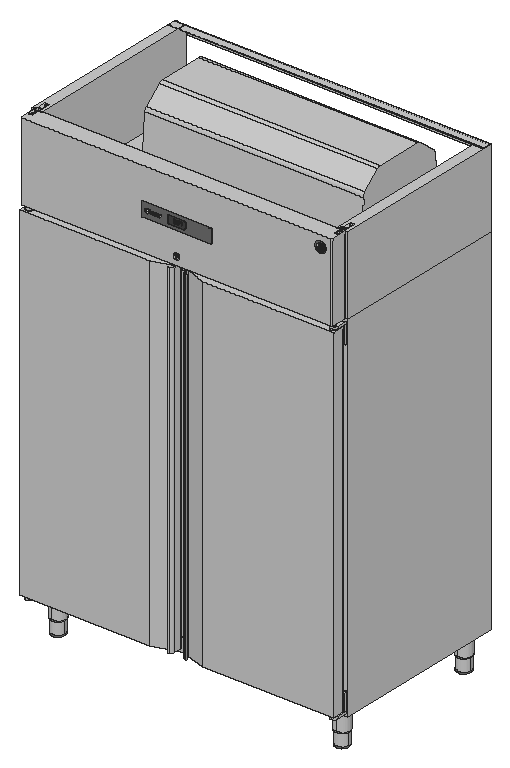
Revit family "QF_HOSHIZAKI_ADVANCE K 140-4 L", category Specialty Equipment, Revit 2016
Family settings
  Part Type = Normal
  Round Connector Dimension = Use Diameter
  OmniClass Number = 23.40.40.14
  OmniClass Title = Food Service Equipment
  Work Plane-Based = No
  Always vertical = Yes
  Cut with Voids When Loaded = No
  Shared = No
  Room Calculation Point = No
Parameters (values of type "131141070")
  Weight = 183.00 kg
  Volts = 230 V
  URL Cutsheet = ""
  URL = "www.hoshizaki-europe.com"
  Status [instance] = ""
  Specification by User [instance] = ""
  Specification by Manufacturer [instance] = ""
  Serial Number = ""
  Seismic Rating = ""
  SMACNA No = ""
  Revision Code [instance] = ""
  Phase = 1
  Number of Poles = 2
  NAFEM Spec ID Number = ""
  Model = "ADVANCE K 140-4 L"
  Min Ckt Ampacity = 0 A
  Max Overcurrent Protection = 0 A
  Masterspec = ""
  Manufacturer = "HOSHIZAKI"
  Length Actual = 1344 mm
  Item Number [instance] = ""
  Installed By [instance] = ""
  Identify Quantity as Lot [instance] = no
  Height Actual = 2000 mm
  HP power = ""
  Furnished By [instance] = ""
  Foodservice Equipment Identifier [instance] = yes
  FL Amps = 11.04 A
  Electric power = 2540 W
  Electric Connection Type [instance] = ""
  Elec Conn RI Height [instance] = 0 mm
  Elec Conn Connection Height [instance] = 1600 mm
  Description = "ADVANCE DOUBLE DOOR REFRIGERATOR, 2/1 GN DEEP, AISI 304 STAINLESS STEEL EXTERIOR AND INTERIOR, HC NATURAL REFRIGERANT, LEGS"
  Depth Actual = 830 mm
  Cycle = 50 Hz
  Cost = 0
  Conn Plug = ""
  Conn Conduit = no
  CSI MasterFormat = ""
  Assembly Code = "E1090320"
  Apparent Power = 2540 VA
  Accessory = no
Reference planes
  plane 1 "Center (Front/Back)": y = 0
  plane 2: z = 0
  plane 3 "Center (Left/Right)": x = 0
Forms (mm)
  Extrusion 1, solid, not visible
    sketch origin (1313, -2, 1700.5) x (1, 0, 0) y (0, 1, 0)
      loop
        line (0, 0) -> (2, 0) -> (2, 2) -> (0, 2) -> (0, 0)
    from 0 to 2
Dimensions and locks
  aligned and locked: level to plane 2
Nested families
  nested 1: "QF_HOSHIZAKI_131141070_230V_1Ph_50Hz" at (0, 0, 150), type "131141070_230V/1Ph/50Hz"
    with Show Logo yes, Show Clearance yes
  nested 2: "QF_HOSHIZAKI_PRE_ADV_LEGS" at (0, 0, 0), type "760660118-1344X830"
    with Length Actual 1344 mm, Height Actual 150 mm, Depth Actual 830 mm
Connectors
  electrical at (1314, 0, 1701.5), driven by "Apparent Power", driven by "Number of Poles", driven by "Volts"
    settings: on Extrusion 1, index 1, voltage 230 V, apparent load 0 VA, apparent load phase1 2540 VA, apparent load phase2 0 VA, apparent load phase3 0 VA, power factor 1, load classification "Other", number of poles 2, system type 31, power factor state 1, is connector primary yes, connector utility no, sub classification motor no, connector description "Electric connection for '131141070'"
Definition of nested family "QF_HOSHIZAKI_131141070_230V_1Ph_50Hz"
  Parameters (values of type "131141070_230V/1Ph/50Hz")
    Show Logo [instance] = yes
    Show Clearance [instance] = yes
    Height Actual = 150 mm
    Assembly Code = "E1090300"
  Types (5): name
    131141070_230V/1Ph/50Hz
    133141070
    123142070
    131142090
    133142090
  Reference planes
    plane 1 "Back": y = 0
    plane 2: z = 0
    plane 3 "Left": x = 0
    plane 4 "Right": x = 1344
    plane 5 "Front": y = -830.03
    plane 6 "Top": z = 1850
  Forms (mm)
    Extrusion 1, solid
      sketch origin (653.43, 17.6, 1850) x (1, 0, 0) y (0, 1, 0)
        loop
          line (675.57, -773.038) -> (675.57, -726.21) -> (660.57, -726.21) -> (660.57, -773.038) -> (675.57, -773.038)
        loop
          circle (668.07, -734.247) r 1.711
        loop
          circle (668.07, -765.001) r 1.711
      from 0 to 2
    Extrusion 2, solid
      sketch origin (653.43, -41.259, 1850) x (1, 0, 0) y (0, 1, 0)
        loop
          line (675.57, -752.351) -> (675.57, -720.851) -> (660.57, -720.851) -> (660.57, -752.351) -> (675.57, -752.351)
        loop
          circle (668.07, -727.851) r 1.711
        loop
          circle (668.07, -745.351) r 1.711
      from 0 to 2
    Extrusion 3, solid
      sketch origin (1314, 17.6, -100.1) x (0, 1, 0) y (0, 0, 1)
        loop
          arc (-776.21, 1952.1) -> (-777.016, 1954.865) -> (-774.851, 1952.966) r 1.5
          line (-774.851, 1952.966) -> (-772.968, 1952.281)
          arc (-772.968, 1952.281) -> (-778.164, 1956.504) -> (-776.21, 1950.1) r 3.5
          line (-776.21, 1950.1) -> (-773.038, 1950.1) -> (-773.038, 1952.1) -> (-776.21, 1952.1)
      from 0 to 15
    Extrusion 4, solid
      sketch origin (-645.57, 17.6, 1850) x (1, 0, 0) y (0, 1, 0)
        loop
          line (675.57, -773.038) -> (675.57, -726.21) -> (660.57, -726.21) -> (660.57, -773.038) -> (675.57, -773.038)
        loop
          circle (668.07, -734.247) r 1.711
        loop
          circle (668.07, -765.001) r 1.711
      from 0 to 2
    Extrusion 5, solid
      sketch origin (-645.57, -41.259, 1850) x (1, 0, 0) y (0, 1, 0)
        loop
          line (675.57, -752.351) -> (675.57, -720.851) -> (660.57, -720.851) -> (660.57, -752.351) -> (675.57, -752.351)
        loop
          circle (668.07, -727.851) r 1.711
        loop
          circle (668.07, -745.351) r 1.711
      from 0 to 2
    Extrusion 6, solid
      sketch origin (15, 17.6, -100.1) x (0, 1, 0) y (0, 0, 1)
        loop
          arc (-776.21, 1952.1) -> (-777.016, 1954.865) -> (-774.851, 1952.966) r 1.5
          line (-774.851, 1952.966) -> (-772.968, 1952.281)
          arc (-772.968, 1952.281) -> (-778.164, 1956.504) -> (-776.21, 1950.1) r 3.5
          line (-776.21, 1950.1) -> (-773.038, 1950.1) -> (-773.038, 1952.1) -> (-776.21, 1952.1)
      from 0 to 15
    Extrusion 7, solid
      sketch origin (0, 0, -100) x (0, 1, 0) y (0, 0, 1)
        loop
          line (-760, 1617.5) -> (0, 1617.5) -> (0, 1948.5)
          arc (0, 1948.5) -> (-0.439, 1949.561) -> (-1.5, 1950) r 1.5
          line (-1.5, 1950) -> (-759.35, 1950)
          arc (-759.35, 1950) -> (-759.81, 1949.81) -> (-760, 1949.35) r 0.65
          line (-760, 1949.35) -> (-760, 1617.5)
      from 0 to 45
    Extrusion 8, solid
      sketch origin (1299, 0, -100) x (0, 1, 0) y (0, 0, 1)
        loop
          line (-760, 1617.5) -> (0, 1617.5) -> (0, 1948.5)
          arc (0, 1948.5) -> (-0.439, 1949.561) -> (-1.5, 1950) r 1.5
          line (-1.5, 1950) -> (-759.35, 1950)
          arc (-759.35, 1950) -> (-759.81, 1949.81) -> (-760, 1949.35) r 0.65
          line (-760, 1949.35) -> (-760, 1617.5)
      from 0 to 45
    Extrusion 9, solid
      sketch origin (0, 1.5, -100.1) x (0, 1, 0) y (0, 0, 1)
        loop
          line (-1.51, 1951.6) -> (-38.51, 1951.6) -> (-38.51, 1950.1) -> (-3, 1950.1)
          arc (-3, 1950.1) -> (-1.939, 1949.661) -> (-1.5, 1948.6) r 1.5
          line (-1.5, 1948.6) -> (-1.5, 1914.7) -> (0, 1914.7) -> (0, 1950.09)
          arc (0, 1950.09) -> (-0.442, 1951.158) -> (-1.51, 1951.6) r 1.51
      from 1.06 to 1343.06
    Extrusion 10, solid
      sketch origin (0, 17.6, 1849.9) x (1, 0, 0) y (0, 1, 0)
        loop
          line (10, -778.8) -> (10, -842.7)
          arc (10, -842.7) -> (11.435, -846.165) -> (14.9, -847.6) r 4.9
          line (14.9, -847.6) -> (1329.1, -847.6)
          arc (1329.1, -847.6) -> (1332.565, -846.165) -> (1334, -842.7) r 4.9
          line (1334, -842.7) -> (1334, -778.8)
          arc (1334, -778.8) -> (1333.649, -777.951) -> (1332.8, -777.6) r 1.2
          line (1332.8, -777.6) -> (11.2, -777.6)
          arc (11.2, -777.6) -> (10.351, -777.951) -> (10, -778.8) r 1.2
      from -332.4 to 0.1
    Extrusion 11, solid
      sketch origin (0, 0, -100) x (1, 0, 0) y (0, 0, 1)
        loop
          line (45, 1638.52) -> (45, 1617.5) -> (1299, 1617.5) -> (1299, 1638.52) -> (45, 1638.52)
      from 0 to 760
    Extrusion 12, solid
      sketch origin (0, 0, 0) x (1, 0, 0) y (0, 0, 1)
        loop
          line (0, 1517.5) -> (0, 0) -> (1344, 0) -> (1344, 1517.5) -> (0, 1517.5)
        loop
          line (60, 1457.5) -> (60, 60) -> (1284, 60) -> (1284, 1457.5) -> (60, 1457.5)
      from 0 to 760
    Extrusion 13, solid
      sketch origin (0, 0, 0) x (1, 0, 0) y (0, 0, 1)
        loop
          line (60, 60) -> (1284, 60) -> (1284, 1457.5) -> (60, 1457.5) -> (60, 60)
      from 0 to 45
    Extrusion 14, solid
      sketch origin (0, -660, 0) x (1, 0, 0) y (0, 0, 1)
        loop
          line (630, 1457.5) -> (630, 60) -> (714, 60) -> (714, 1457.5) -> (630, 1457.5)
      from 0 to 100
    Extrusion 15, solid
      sketch origin (672, -794.997, 27.1) x (-1, 0, 0) y (0, 0, -1)
        loop
          line (637.933, -1453.343) -> (637.933, -14.657) -> (53.047, -14.657) -> (53.047, -1453.343) -> (637.933, -1453.343)
        loop
          line (73.047, -1433.343) -> (617.933, -1433.343) -> (617.933, -34.657) -> (73.047, -34.657) -> (73.047, -1433.343)
      from -34.997 to -15.007
    Extrusion 16, solid
      sketch origin (686.75, -756.368, 1495.1) x (-1, 0, 0) y (0, -1, 0)
        loop
          line (646.35, 3.632) -> (678.35, 3.632) -> (678.35, 45.629)
          arc (678.35, 45.629) -> (662.35, 61.629) -> (646.35, 45.629) r 16
          line (646.35, 45.629) -> (646.35, 3.632)
        loop
          circle (662.35, 45.629) r 5
      from 2.9 to 9.9
    Extrusion 17, solid
      sketch origin (686.75, -757.371, -74.9) x (0, 1, 0) y (0, 0, -1)
        loop
          line (-9.129, -1500.199) -> (-9.129, -1572.9) -> (-2.629, -1572.9) -> (-2.629, -1493.9) -> (-4.629, -1493.9) -> (-9.129, -1500.199)
      from 646.35 to 678.35
    Extrusion 18, solid
      sketch origin (686.75, -756.368, 1495.1) x (-1, 0, 0) y (0, -1, 0)
        loop
          circle (662.35, 45.629) r 16
      from 0 to 2.9
    Extrusion 19, solid
      sketch origin (686.75, -756.368, 1495.1) x (-1, 0, 0) y (0, -1, 0)
        loop
          circle (662.35, 45.629) r 5
      from 0 to 9.9
    Extrusion 20, solid
      sketch origin (686.75, -756.368, 25.1) x (-1, 0, 0) y (0, -1, 0)
        loop
          line (602.25, 32.879) -> (677.25, 32.879) -> (677.25, 58.379) -> (602.25, 58.379) -> (602.25, 32.879)
        loop
          circle (636.875, 45.629) r 5
        loop
          circle (611.525, 45.629) r 5
      from 0 to 2
    Extrusion 21, solid
      sketch origin (686.75, -756.368, 7.1) x (0, 1, 0) y (-1, 0, 0)
        loop
          line (-3.632, 646.35) -> (-3.632, 678.35) -> (-45.629, 678.35)
          arc (-45.629, 678.35) -> (-61.629, 662.35) -> (-45.629, 646.35) r 16
          line (-45.629, 646.35) -> (-3.632, 646.35)
        loop
          circle (-45.629, 662.35) r 5
      from 2.9 to 9.9
    Extrusion 22, solid
      sketch origin (686.75, -757.371, 1589.9) x (0, 1, 0) y (0, 0, -1)
        loop
          line (-9.129, 1500.199) -> (-4.629, 1493.9) -> (-2.629, 1493.9) -> (-2.629, 1572.9) -> (-9.129, 1572.9) -> (-9.129, 1500.199)
      from 646.35 to 678.35
    Extrusion 23, solid
      sketch origin (686.75, -756.368, 9) x (0, 1, 0) y (-1, 0, 0)
        loop
          circle (-45.629, 662.35) r 5
      from 0 to 16.1
    Extrusion 24, solid
      sketch origin (774.882, -873.154, 27.1) x (-1, 0, 0) y (0, -1, 0)
        loop
          arc (769.772, -93.164) -> (770.203, -92.985) -> (770.382, -92.554) r 0.61
          line (770.382, -92.554) -> (770.382, -43.764)
          arc (770.382, -43.764) -> (770.203, -43.333) -> (769.772, -43.154) r 0.61
          line (769.772, -43.154) -> (216.079, -43.154) -> (127.057, -70.711) -> (127.057, -60.1)
          arc (127.057, -60.1) -> (129.536, -52.667) -> (135.929, -48.138) r 12.598
          line (135.929, -48.138) -> (143.363, -45.837)
          arc (143.363, -45.837) -> (143.923, -44.774) -> (142.86, -44.213) r 0.85
          line (142.86, -44.213) -> (135.209, -46.581)
          arc (135.209, -46.581) -> (128.081, -51.647) -> (125.349, -59.955) r 14
          line (125.349, -59.955) -> (125.349, -92.354)
          arc (125.349, -92.354) -> (125.586, -92.927) -> (126.159, -93.164) r 0.81
          line (126.159, -93.164) -> (769.772, -93.164)
      from 0 to 1468
    Extrusion 25, solid
      sketch origin (672, -794.997, 27.1) x (1, 0, 0) y (0, 0, 1)
        loop
          line (637.933, 1453.343) -> (53.047, 1453.343) -> (53.047, 14.657) -> (637.933, 14.657) -> (637.933, 1453.343)
        loop
          line (73.047, 1433.343) -> (73.047, 34.657) -> (617.933, 34.657) -> (617.933, 1433.343) -> (73.047, 1433.343)
      from -34.997 to -15.007
    Extrusion 26, solid
      sketch origin (657.25, -756.368, 1495.1) x (1, 0, 0) y (0, 1, 0)
        loop
          line (646.35, -3.632) -> (646.35, -45.629)
          arc (646.35, -45.629) -> (662.35, -61.629) -> (678.35, -45.629) r 16
          line (678.35, -45.629) -> (678.35, -3.632) -> (646.35, -3.632)
        loop
          circle (662.35, -45.629) r 5
      from 2.9 to 9.9
    Extrusion 27, solid
      sketch origin (657.25, -757.371, -74.9) x (0, 1, 0) y (0, 0, 1)
        loop
          line (-9.129, 1500.199) -> (-4.629, 1493.9) -> (-2.629, 1493.9) -> (-2.629, 1572.9) -> (-9.129, 1572.9) -> (-9.129, 1500.199)
      from 646.35 to 678.35
    Extrusion 28, solid
      sketch origin (657.25, -756.368, 1495.1) x (1, 0, 0) y (0, 1, 0)
        loop
          circle (662.35, -45.629) r 16
      from 0 to 2.9
    Extrusion 29, solid
      sketch origin (657.25, -756.368, 1495.1) x (1, 0, 0) y (0, 1, 0)
        loop
          circle (662.35, -45.629) r 5
      from 0 to 9.9
    Extrusion 30, solid
      sketch origin (657.25, -756.368, 25.1) x (1, 0, 0) y (0, 1, 0)
        loop
          line (602.25, -32.879) -> (602.25, -58.379) -> (677.25, -58.379) -> (677.25, -32.879) -> (602.25, -32.879)
        loop
          circle (636.875, -45.629) r 5
        loop
          circle (611.525, -45.629) r 5
      from 0 to 2
    Extrusion 31, solid
      sketch origin (657.25, -756.368, 7.1) x (0, -1, 0) y (1, 0, 0)
        loop
          line (3.632, 646.35) -> (45.629, 646.35)
          arc (45.629, 646.35) -> (61.629, 662.35) -> (45.629, 678.35) r 16
          line (45.629, 678.35) -> (3.632, 678.35) -> (3.632, 646.35)
        loop
          circle (45.629, 662.35) r 5
      from 2.9 to 9.9
    Extrusion 32, solid
      sketch origin (657.25, -757.371, 1589.9) x (0, 1, 0) y (0, 0, 1)
        loop
          line (-9.129, -1500.199) -> (-9.129, -1572.9) -> (-2.629, -1572.9) -> (-2.629, -1493.9) -> (-4.629, -1493.9) -> (-9.129, -1500.199)
      from 646.35 to 678.35
    Extrusion 33, solid
      sketch origin (657.25, -756.368, 9) x (0, -1, 0) y (1, 0, 0)
        loop
          circle (45.629, 662.35) r 5
      from 0 to 16.1
    Extrusion 34, solid
      sketch origin (569.118, -873.154, 27.1) x (1, 0, 0) y (0, 1, 0)
        loop
          line (769.772, 93.164) -> (126.159, 93.164)
          arc (126.159, 93.164) -> (125.586, 92.927) -> (125.349, 92.354) r 0.81
          line (125.349, 92.354) -> (125.349, 59.955)
          arc (125.349, 59.955) -> (128.081, 51.647) -> (135.209, 46.581) r 14
          line (135.209, 46.581) -> (142.86, 44.213)
          arc (142.86, 44.213) -> (143.923, 44.774) -> (143.363, 45.837) r 0.85
          line (143.363, 45.837) -> (135.929, 48.138)
          arc (135.929, 48.138) -> (129.536, 52.667) -> (127.057, 60.1) r 12.598
          line (127.057, 60.1) -> (127.057, 70.711) -> (216.079, 43.154) -> (769.772, 43.154)
          arc (769.772, 43.154) -> (770.203, 43.333) -> (770.382, 43.764) r 0.61
          line (770.382, 43.764) -> (770.382, 92.554)
          arc (770.382, 92.554) -> (770.203, 92.985) -> (769.772, 93.164) r 0.61
      from 0 to 1468
    Extrusion 35, solid
      sketch origin (-12.78, 0, -100) x (0, 1, 0) y (0, 0, 1)
        loop
          arc (-113.281, 1932.651) -> (-120.8, 1936.992) -> (-129.35, 1938.5) r 25
          line (-129.35, 1938.5) -> (-324.65, 1938.5)
          arc (-324.65, 1938.5) -> (-333.2, 1936.992) -> (-340.719, 1932.651) r 25
          line (-340.719, 1932.651) -> (-408.922, 1875.423)
          arc (-408.922, 1875.423) -> (-415.027, 1867.815) -> (-417.757, 1858.45) r 25
          line (-417.757, 1858.45) -> (-436.998, 1638.52) -> (-17.002, 1638.52) -> (-36.243, 1858.45)
          arc (-36.243, 1858.45) -> (-38.973, 1867.815) -> (-45.078, 1875.423) r 25
          line (-45.078, 1875.423) -> (-113.281, 1932.651)
      from 219.97 to 1149.59
    Extrusion 36, solid, visible <- "Show Logo"
      sketch origin (1743.884, -828.5, -60.1) x (-1, 0, 0) y (0, 0, -1)
        loop
          circle (459.884, -1862.5) r 13.99
      from 0 to 2.5
    Extrusion 37, solid, visible <- "Show Logo"
      sketch origin (1743.884, -829, -60.1) x (-1, 0, 0) y (0, 0, -1)
        loop
          circle (459.884, -1862.5) r 15
        loop
          arc (446.884, -1862.5) -> (460.705, -1875.474) -> (472.781, -1860.863) r 13
          line (472.781, -1860.863) -> (470.355, -1858.437) -> (469.346, -1862.201) -> (466.355, -1863.928) -> (465.024, -1865.26) -> (463.375, -1865.26) -> (462.04, -1870.241) -> (457.755, -1870.241) -> (459.339, -1867.979) -> (460.402, -1864.014) -> (461.224, -1860.945) -> (462.416, -1856.497) -> (461.216, -1855.297) -> (459.433, -1857.843) -> (455.784, -1851.523) -> (460.361, -1851.523) -> (461.471, -1853.446) -> (469.213, -1853.446)
          arc (469.213, -1853.446) -> (460.394, -1849.51) -> (451.293, -1852.743) r 13
          line (451.293, -1852.743) -> (455.577, -1853.891) -> (453.752, -1856.497) -> (455.349, -1856.497) -> (454.477, -1866.459) -> (452.538, -1866.459) -> (446.884, -1862.5)
        loop
          line (447.853, -1857.467) -> (452.313, -1861.926) -> (450.144, -1853.891)
          arc (450.144, -1853.891) -> (448.878, -1855.602) -> (447.853, -1857.467) r 15.828
        loop
          line (463.583, -1862.877) -> (466.64, -1862.399) -> (464.901, -1861.285) -> (463.583, -1857.664) -> (463.583, -1862.877)
        loop
          line (464.827, -1855.979) -> (468.296, -1856.908) -> (469.573, -1854.916) -> (468.881, -1854.224) -> (467.914, -1855.035) -> (464.827, -1855.979)
        loop
          line (462.609, -1872.307) -> (462.609, -1874.009) -> (464.927, -1873.388) -> (462.609, -1872.307)
        loop
          line (460.361, -1874.662) -> (459.594, -1873.335) -> (460.801, -1872.638) -> (459.186, -1872.205) -> (458.298, -1874.11) -> (460.361, -1874.662)
        loop
          line (459.623, -1846.783) -> (460.706, -1845.701) -> (462.247, -1845.701) -> (461.191, -1844.645) -> (461.503, -1842.874) -> (459.623, -1843.959) -> (457.743, -1842.874) -> (458.055, -1844.645) -> (456.999, -1845.701) -> (458.54, -1845.701) -> (459.623, -1846.783)
        loop
          line (446.86, -1853.7) -> (446.594, -1852.191) -> (447.478, -1850.929) -> (446.007, -1851.188) -> (444.736, -1849.917) -> (444.547, -1852.08) -> (442.579, -1852.997) -> (444.209, -1853.757) -> (444.468, -1855.228) -> (445.352, -1853.965) -> (446.86, -1853.7)
        loop
          line (452.395, -1848.68) -> (452.856, -1847.219) -> (454.223, -1846.508) -> (452.799, -1846.059) -> (452.258, -1844.344) -> (451.091, -1846.175) -> (448.922, -1846.08) -> (450.017, -1847.507) -> (449.568, -1848.931) -> (450.935, -1848.219) -> (452.395, -1848.68)
        loop
          line (472.909, -1853.7) -> (474.417, -1853.965) -> (475.301, -1855.228) -> (475.56, -1853.757) -> (477.19, -1852.997) -> (475.222, -1852.08) -> (475.033, -1849.917) -> (473.761, -1851.188) -> (472.291, -1850.929) -> (473.175, -1852.191) -> (472.909, -1853.7)
        loop
          line (467.374, -1848.68) -> (468.834, -1848.219) -> (470.201, -1848.931) -> (469.752, -1847.507) -> (470.847, -1846.08) -> (468.678, -1846.175) -> (467.511, -1844.344) -> (466.97, -1846.059) -> (465.546, -1846.508) -> (466.913, -1847.219) -> (467.374, -1848.68)
      from 0 to 2.5
    Extrusion 38, solid, visible <- "Show Logo"
      sketch origin (1743.884, -829, -60.1) x (-1, 0, 0) y (0, 0, -1)
        loop
          line (462.609, -1874.009) -> (462.609, -1872.307) -> (462.085, -1870.241) -> (457.755, -1870.241) -> (459.339, -1867.979) -> (462.416, -1856.497) -> (461.216, -1855.297) -> (459.433, -1857.843) -> (455.808, -1851.565) -> (453.948, -1851.565) -> (455.577, -1853.891) -> (454.477, -1866.459) -> (456.345, -1871.339)
          arc (456.345, -1871.339) -> (456.868, -1874.025) -> (459.213, -1875.435) r 3.366
          arc (459.213, -1875.435) -> (460.198, -1875.496) -> (461.183, -1875.435) r 8.046
          line (461.183, -1875.435) -> (462.609, -1874.009)
        loop
          line (456.854, -1851.523) -> (460.361, -1851.523) -> (460.916, -1852.485) -> (462.702, -1852.485) -> (463.779, -1851.407) -> (460.623, -1851.407) -> (461.563, -1850.468) -> (456.245, -1850.468) -> (456.854, -1851.523)
        loop
          line (460.361, -1874.662) -> (459.594, -1873.335) -> (460.801, -1872.638) -> (459.186, -1872.205) -> (458.298, -1874.11) -> (460.361, -1874.662)
      from 0 to 2.5
    Extrusion 39, solid, visible <- "Show Logo"
      sketch origin (1729.5, -828.5, 1238.8) x (-1, 0, 0) y (0, 0, -1)
        loop
          circle (445.5, -563.6) r 22.5
      from 0 to 2
    Extrusion 40, solid
      sketch origin (964.076, -828.5, -100.11) x (1, 0, 0) y (0, 0, 1)
        loop
          arc (-147.076, 1752.13) -> (-143.541, 1753.594) -> (-142.076, 1757.13) r 5
          line (-142.076, 1757.13) -> (-142.076, 1807.13)
          arc (-142.076, 1807.13) -> (-143.541, 1810.666) -> (-147.076, 1812.13) r 5
          line (-147.076, 1812.13) -> (-437.076, 1812.13)
          arc (-437.076, 1812.13) -> (-440.612, 1810.666) -> (-442.076, 1807.13) r 5
          line (-442.076, 1807.13) -> (-442.076, 1757.13)
          arc (-442.076, 1757.13) -> (-440.612, 1753.594) -> (-437.076, 1752.13) r 5
          line (-437.076, 1752.13) -> (-147.076, 1752.13)
        loop
          line (-329.576, 1792.63) -> (-329.576, 1771.63)
          arc (-329.576, 1771.63) -> (-327.819, 1767.387) -> (-323.576, 1765.63) r 6
          line (-323.576, 1765.63) -> (-260.576, 1765.63)
          arc (-260.576, 1765.63) -> (-256.334, 1767.387) -> (-254.576, 1771.63) r 6
          line (-254.576, 1771.63) -> (-254.576, 1792.63)
          arc (-254.576, 1792.63) -> (-256.334, 1796.873) -> (-260.576, 1798.63) r 6
          line (-260.576, 1798.63) -> (-323.576, 1798.63)
          arc (-323.576, 1798.63) -> (-327.819, 1796.873) -> (-329.576, 1792.63) r 6
      from 0 to 2
    Extrusion 41, solid
      sketch origin (964.076, -828.5, -100.11) x (1, 0, 0) y (0, 0, 1)
        loop
          arc (-323.576, 1798.63) -> (-327.819, 1796.873) -> (-329.576, 1792.63) r 6
          line (-329.576, 1792.63) -> (-329.576, 1771.63)
          arc (-329.576, 1771.63) -> (-327.819, 1767.387) -> (-323.576, 1765.63) r 6
          line (-323.576, 1765.63) -> (-260.576, 1765.63)
          arc (-260.576, 1765.63) -> (-256.334, 1767.387) -> (-254.576, 1771.63) r 6
          line (-254.576, 1771.63) -> (-254.576, 1792.63)
          arc (-254.576, 1792.63) -> (-256.334, 1796.873) -> (-260.576, 1798.63) r 6
          line (-260.576, 1798.63) -> (-323.576, 1798.63)
      from 0 to 2
    Extrusion 42, solid
      sketch origin (964.076, -829, -100.11) x (1, 0, 0) y (0, 0, 1)
        loop
          line (-298.911, 1787.691) -> (-298.115, 1788.439) -> (-298.929, 1789.206) -> (-304.501, 1789.206) -> (-305.3, 1788.422) -> (-304.534, 1787.691) -> (-298.911, 1787.691)
        loop
          line (-296.938, 1787.449) -> (-297.831, 1788.111) -> (-298.725, 1787.449) -> (-298.725, 1783.432) -> (-297.831, 1782.769) -> (-296.938, 1783.432) -> (-296.938, 1787.449)
        loop
          line (-298.911, 1777.181) -> (-304.534, 1777.181) -> (-305.3, 1776.45) -> (-304.501, 1775.666) -> (-298.929, 1775.666) -> (-298.115, 1776.432) -> (-298.911, 1777.181)
        loop
          line (-296.938, 1777.423) -> (-296.938, 1781.44) -> (-297.831, 1782.103) -> (-298.725, 1781.44) -> (-298.725, 1777.423) -> (-297.831, 1776.761) -> (-296.938, 1777.423)
        loop
          line (-298.911, 1783.189) -> (-304.534, 1783.189) -> (-305.3, 1782.459) -> (-304.501, 1781.675) -> (-298.929, 1781.675) -> (-298.115, 1782.441) -> (-298.911, 1783.189)
        loop
          line (-270.911, 1787.691) -> (-270.115, 1788.439) -> (-270.929, 1789.206) -> (-276.501, 1789.206) -> (-277.3, 1788.422) -> (-276.534, 1787.691) -> (-270.911, 1787.691)
        loop
          line (-268.938, 1787.449) -> (-269.831, 1788.111) -> (-270.725, 1787.449) -> (-270.725, 1783.432) -> (-269.831, 1782.769) -> (-268.938, 1783.432) -> (-268.938, 1787.449)
        loop
          line (-268.938, 1777.423) -> (-268.938, 1781.44) -> (-269.831, 1782.103) -> (-270.725, 1781.44) -> (-270.725, 1777.423) -> (-269.831, 1776.761) -> (-268.938, 1777.423)
        loop
          line (-294.968, 1776.333) -> (-293.829, 1775.386) -> (-292.676, 1776.348) -> (-293.829, 1777.28) -> (-294.968, 1776.333)
        loop
          line (-282.911, 1777.226) -> (-288.534, 1777.226) -> (-289.3, 1776.496) -> (-288.501, 1775.712) -> (-282.929, 1775.712) -> (-282.115, 1776.478) -> (-282.911, 1777.226)
        loop
          line (-280.938, 1777.469) -> (-280.938, 1781.486) -> (-281.831, 1782.148) -> (-282.725, 1781.486) -> (-282.725, 1777.469) -> (-281.831, 1776.806) -> (-280.938, 1777.469)
        loop
          line (-282.911, 1787.737) -> (-282.115, 1788.485) -> (-282.929, 1789.251) -> (-288.501, 1789.251) -> (-289.3, 1788.467) -> (-288.534, 1787.737) -> (-282.911, 1787.737)
        loop
          line (-280.938, 1787.494) -> (-281.831, 1788.157) -> (-282.725, 1787.494) -> (-282.725, 1783.477) -> (-281.831, 1782.815) -> (-280.938, 1783.477) -> (-280.938, 1787.494)
        loop
          line (-282.911, 1781.728) -> (-282.115, 1782.476) -> (-282.929, 1783.243) -> (-288.501, 1783.243) -> (-289.3, 1782.459) -> (-288.534, 1781.728) -> (-282.911, 1781.728)
        loop
          line (-290.492, 1787.494) -> (-290.492, 1783.477) -> (-289.599, 1782.815) -> (-288.705, 1783.477) -> (-288.705, 1787.494) -> (-289.599, 1788.157) -> (-290.492, 1787.494)
      from 0 to 2
    Revolve 43, solid
      sketch origin (672, 917.6, -100.11) x (0, 1, 0) y (0, 0, 1)
        loop
          line (-1752.6, 1652.1) -> (-1747.6, 1652.1) -> (-1747.6, 1662.634)
          arc (-1747.6, 1662.634) -> (-1748.329, 1663.731) -> (-1749.631, 1663.534) r 1.226
          line (-1749.631, 1663.534) -> (-1752.6, 1660.565) -> (-1752.6, 1652.1)
        axis (-1747.6, 1652.1) -> (-1752.6, 1652.1)
      angle from 0 to 360
    Extrusion 44, void
      sketch origin (-473.06, -833.5, -101.61) x (1, 0, 0) y (0, 0, 1)
        loop
          line (1143.96, 1657.815) -> (1143.96, 1649.385) -> (1146.16, 1649.385) -> (1146.16, 1657.815) -> (1143.96, 1657.815)
      from -1.469 to 2
    Extrusion 45, solid, visible <- "Show Logo"
      sketch origin (1132.623, -829, -98.186) x (1, 0, 0) y (0, 0, 1)
        loop
          line (-574.302, 1788.729) -> (-583.131, 1788.729)
          arc (-583.131, 1788.729) -> (-589.303, 1787.599) -> (-594.673, 1784.355) r 17.416
          arc (-594.673, 1784.355) -> (-596.462, 1781.094) -> (-595.769, 1777.439) r 5.506
          arc (-595.769, 1777.439) -> (-593.146, 1774.866) -> (-589.587, 1773.956) r 7.07
          line (-589.587, 1773.956) -> (-587.25, 1773.956) -> (-588.248, 1771.34) -> (-581.613, 1771.34) -> (-580.432, 1773.956) -> (-571.398, 1773.956) -> (-569.064, 1779.592) -> (-566.746, 1773.956) -> (-559.715, 1773.956) -> (-557.728, 1776.29) -> (-552.838, 1776.29) -> (-551.953, 1773.956) -> (-545.563, 1773.956) -> (-543.121, 1779.778) -> (-540.707, 1773.914) -> (-533.897, 1779.586) -> (-536.239, 1773.956) -> (-530.603, 1773.956) -> (-526.429, 1784.233) -> (-531.941, 1784.233) -> (-537.329, 1779.747) -> (-539.135, 1784.233) -> (-544.054, 1784.233) -> (-547.268, 1776.58) -> (-550.408, 1784.233) -> (-554.271, 1784.233) -> (-561.118, 1776.477) -> (-561.995, 1776.477) -> (-562.958, 1778.877)
          arc (-562.958, 1778.877) -> (-561.217, 1779.568) -> (-560.011, 1781.001) r 3.84
          arc (-560.011, 1781.001) -> (-560.124, 1783.171) -> (-562.025, 1784.225) r 2.241
          line (-562.025, 1784.225) -> (-573.005, 1784.225) -> (-576.227, 1776.507) -> (-579.37, 1776.507) -> (-576.183, 1784.227) -> (-585.103, 1784.227) -> (-586.099, 1781.742) -> (-583.981, 1781.742) -> (-586.194, 1776.345)
          arc (-586.194, 1776.345) -> (-588.764, 1776.925) -> (-590.188, 1779.141) r 3.476
          arc (-590.188, 1779.141) -> (-590.046, 1780.636) -> (-589.587, 1782.064) r 6.962
          arc (-589.587, 1782.064) -> (-587.018, 1785.071) -> (-583.227, 1786.194) r 6.962
          line (-583.227, 1786.194) -> (-575.446, 1786.194) -> (-574.302, 1788.729)
        loop
          line (-568.201, 1781.677) -> (-568.99, 1779.771) -> (-567.006, 1779.771)
          arc (-567.006, 1779.771) -> (-565.95, 1780.209) -> (-565.513, 1781.264) r 1.493
          arc (-565.513, 1781.264) -> (-565.795, 1781.565) -> (-566.192, 1781.677) r 0.765
          line (-566.192, 1781.677) -> (-568.201, 1781.677)
        loop
          line (-554.482, 1780.63) -> (-556.797, 1778.007) -> (-553.488, 1778.007) -> (-554.482, 1780.63)
      from 0 to 2
  Cuts and joins
    joined: Extrusion 12, Extrusion 13
    Extrusion 44 cuts Revolve 43
  Lines and regions (mm)
    symbolic lines
      curve 1: line (0, 0, 0) -> (0, -760, 0)
      curve 2: line (1344, -760, 0) -> (1344, 0, 0)
      curve 3: line (14.9, -830, 0) -> (1329.1, -830, 0)
      curve 4: line (1344, 0, 0) -> (0, 0, 0)
      curve 5: line (207.19, -37.01, 0) -> (207.19, -436.998, 0)
      curve 6: line (207.19, -436.998, 0) -> (1136.81, -436.998, 0)
      curve 7: line (1136.81, -436.998, 0) -> (1136.81, -37.01, 0)
      curve 8: line (1299, -37.01, 0) -> (1299, -760, 0)
      curve 9: line (45, -760, 0) -> (45, -37.01, 0)
      curve 10: line (0, -37.01, 0) -> (1344, -37.01, 0)
      curve 11: line (1344, -760, 0) -> (0, -760, 0)
      curve 12: line (1334, -825.1, 0) -> (1334, -761.2, 0)
      curve 13: arc (1329.1, -830, 0) -> (1332.565, -828.565, 0) -> (1334, -825.1, 0) r 4.9
      curve 14: arc (10, -825.1, 0) -> (11.435, -828.565, 0) -> (14.9, -830, 0) r 4.9
      curve 15: line (10, -761.2, 0) -> (10, -825.1, 0)
      curve 16: arc (11.2, -760, 0) -> (10.351, -760.351, 0) -> (10, -761.2, 0) r 1.2
      curve 17: arc (1334, -761.2, 0) -> (1333.649, -760.351, 0) -> (1332.8, -760, 0) r 1.2
  Dimensions and locks
    plane 4 "Right" to plane 3 "Left" = 1344 mm
    plane 6 "Top" to level = 1850 mm  (x2)
    plane 3 "Left" to plane 4 "Right" = 1344 mm
    plane 5 "Front" to plane 1 "Back" = 830.03 mm
    plane 1 "Back" to plane 5 "Front" = 830.03 mm
    aligned and locked: level to plane 2
Definition of nested family "QF_HOSHIZAKI_PRE_ADV_LEGS"
  Parameters (values of type "760660118-1344X830")
    Weight [instance] = 0.00 kg
    URL Cutsheet [instance] = ""
    URL = "www.hoshizaki-europe.com"
    Status [instance] = ""
    Specification by User [instance] = ""
    Specification by Manufacturer [instance] = ""
    Serial Number [instance] = ""
    Seismic Rating [instance] = ""
    SMACNA No [instance] = ""
    Right offset = 67 mm
    Revision Code [instance] = ""
    Rear offset = 58 mm
    NAFEM Spec ID Number [instance] = ""
    Model = "760660118"
    Masterspec [instance] = ""
    Manufacturer = "HOSHIZAKI"
    Length Actual [instance] = 1344 mm
    Left offset = 67 mm
    Item Number [instance] = ""
    Installed By [instance] = ""
    Identify Quantity as Lot [instance] = no
    Height Actual [instance] = 150 mm
    Furnished By [instance] = ""
    Front offset = 125 mm
    Foodservice Equipment Identifier [instance] = no
    Description = "SET OF 4 STAINLESS LEGS 130-180 MM - 1344X830 MM"
    Depth Actual [instance] = 830 mm
    Cost = 0
    CSI MasterFormat [instance] = ""
    Assembly Code = "E1090320"
    Accessory [instance] = yes
  Reference planes
    plane 1 "Back": y = 0
    plane 2: z = 0
    plane 3 "Left": x = 0
    plane 4 "Right": x = 1344
    plane 5 "Front": y = -830
    plane 6 "Top": z = 150
    plane 7 "Left offset": x = 67
    plane 8 "Right offset": x = 1277
    plane 9 "Rear offset": y = -58
    plane 10 "Front offset": y = -705
    plane 11 "Central": x = 672
  Dimensions and locks
    "Length Actual": plane 3 "Left" to plane 4 "Right"
    "Depth Actual": plane 5 "Front" to plane 1 "Back"
    "Left offset": plane 3 "Left" to plane 7 "Left offset"
    "Right offset": plane 8 "Right offset" to plane 4 "Right"
    "Rear offset": plane 9 "Rear offset" to plane 1 "Back"
    "Front offset": plane 10 "Front offset" to plane 5 "Front"
    "Height Actual": plane 6 "Top" to plane 2
    equal spacing: plane 7 "Left offset", plane 11 "Central", plane 8 "Right offset"
    aligned and locked: level to plane 2
    aligned and locked: nested 1 to plane 9 "Rear offset"
    aligned and locked: nested 2 to plane 9 "Rear offset"
    aligned and locked: nested 1 to plane 7 "Left offset"
    aligned and locked: nested 2 to plane 8 "Right offset"
    aligned and locked: nested 3 to plane 10 "Front offset"
    aligned and locked: nested 4 to plane 10 "Front offset"
    aligned and locked: nested 3 to plane 7 "Left offset"
    aligned and locked: nested 4 to plane 8 "Right offset"
  Nested families
    nested 1: "QF_LEGS" at (67, -58, 0), type "LEGS"
    nested 2: "QF_LEGS" at (1277, -58, 0), type "LEGS"
    nested 3: "QF_LEGS" at (67, -705, 0), type "LEGS"
    nested 4: "QF_LEGS" at (1277, -705, 0), type "LEGS"
  Definition of nested family "QF_LEGS"
    Parameters (values of type "LEGS")
      Height = 150 mm
    Reference planes
      plane 1 "Center (Front/Back)": y = 0
      plane 2: z = 0
      plane 3 "Center (Left/Right)": x = 0
      plane 4 "Top": z = 150
      plane 5: z = 147.5
    Forms (mm)
      Extrusion 1, solid
        sketch origin (0, 0, 150) x (0, 1, 0) y (-1, 0, 0)
          loop
            line (40, 40) -> (-40, 40) -> (-40, -40) -> (40, -40) -> (40, 40)
        from 0 to -2.5
      Extrusion 2, solid
        sketch origin (-199.986, 580, 0) x (1, 0, 0) y (0, 1, 0)
          loop
            circle (199.986, -580) r 28
        from 5 to 58
      Extrusion 3, solid
        sketch origin (-199.986, 580, 0) x (1, 0, 0) y (0, 1, 0)
          loop
            circle (199.986, -580) r 29
        from 0 to 5
      Revolve 4, solid
        sketch origin (0, 0, 0) x (0, 1, 0) y (0, 0, 1)
          loop
            line (0, 147.5) -> (-31.75, 147.5) -> (-31.75, 61.75)
            arc (-31.75, 61.75) -> (-30.652, 59.098) -> (-28, 58) r 3.75
            line (-28, 58) -> (0, 58) -> (0, 147.5)
          axis (0, 58) -> (0, 147.5)
        angle from 0 to 360
    Dimensions and locks
      "Height": plane 4 "Top" to plane 2
      locked: plane 4 "Top" to plane 5 at 2.5
      aligned and locked: level to plane 2
      aligned and locked: Revolve 4 sketch curve to plane 1 "Center (Front/Back)"
      aligned and locked: Extrusion 1 to plane 5
      aligned and locked: Revolve 4 sketch curve to plane 5
    Automatic sketch dimensions
      plane 1 "Center (Front/Back)" to Extrusion 1 sketch curve = 40 mm
      Extrusion 1 sketch curve to plane 1 "Center (Front/Back)" = 40 mm
      plane 3 "Center (Left/Right)" to Extrusion 1 sketch curve = 40 mm
      Extrusion 1 sketch curve to plane 3 "Center (Left/Right)" = 40 mm
      plane 1 "Center (Front/Back)" to Extrusion 2 sketch curve = 0 mm
      Extrusion 2 sketch curve to plane 3 "Center (Left/Right)" = 0 mm
      plane 1 "Center (Front/Back)" to Extrusion 3 sketch curve = 0 mm
      Extrusion 3 sketch curve to plane 3 "Center (Left/Right)" = 0 mm
      Revolve 4 sketch curve to plane 1 "Center (Front/Back)" = 0 mm
      Revolve 4 sketch curve to plane 5 = 0 mm
      plane 1 "Center (Front/Back)" to Revolve 4 sketch curve = 28 mm
      level to Revolve 4 sketch curve = 61.75 mm
      Revolve 4 sketch curve to Revolve 4 sketch curve = 3.75 mm
      Revolve 4 sketch curve to Revolve 4 sketch curve = 28 mm
      radius of Extrusion 2 sketch curve = 28 mm
      radius of Extrusion 3 sketch curve = 29 mm
